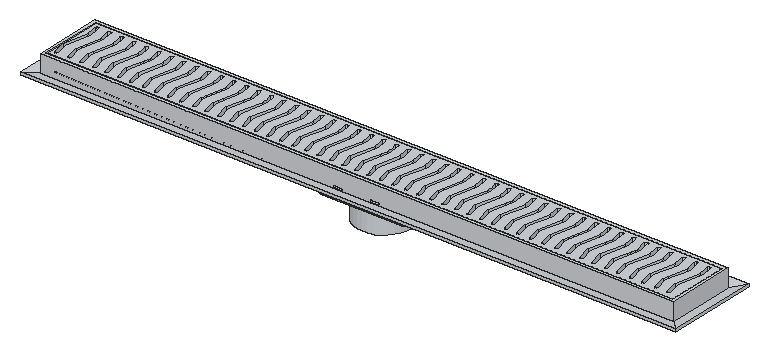
Revit family "Ralo_Linear_Grelha", category Plumbing Fixtures, host Face, Revit 2025 (continued)
Automatic sketch dimensions
  Extrusion 25 sketch curve to Extrusion 25 sketch curve = 2.699 mm
  Extrusion 25 sketch curve to Extrusion 25 sketch curve = 2.829 mm
  Extrusion 25 sketch curve to Extrusion 25 sketch curve = 8.683 mm
  Extrusion 25 sketch curve to Extrusion 25 sketch curve = 0.073 mm
  Extrusion 25 sketch curve to Extrusion 25 sketch curve = 1.772 mm
  Extrusion 25 sketch curve to Extrusion 25 sketch curve = 0.239 mm
  Extrusion 25 sketch curve to Extrusion 25 sketch curve = 19.441 mm
  Extrusion 25 sketch curve to Extrusion 25 sketch curve = 0.027 mm
  Extrusion 25 sketch curve to Extrusion 25 sketch curve = 10.736 mm
  Extrusion 25 sketch curve to Extrusion 25 sketch curve = 0.335 mm
  Extrusion 26 sketch curve to Extrusion 26 sketch curve = 1.628 mm
  Extrusion 26 sketch curve to Extrusion 26 sketch curve = 2.805 mm
  Extrusion 26 sketch curve to Extrusion 26 sketch curve = 1.354 mm  (x2)
  Extrusion 26 sketch curve to Extrusion 26 sketch curve = 1.334 mm  (x2)
  Extrusion 26 sketch curve to Extrusion 26 sketch curve = 2.699 mm
  Extrusion 26 sketch curve to Extrusion 26 sketch curve = 2.829 mm
  Extrusion 26 sketch curve to Extrusion 26 sketch curve = 8.683 mm
  Extrusion 26 sketch curve to Extrusion 26 sketch curve = 0.073 mm
  Extrusion 26 sketch curve to Extrusion 26 sketch curve = 1.772 mm
  Extrusion 26 sketch curve to Extrusion 26 sketch curve = 0.239 mm
  Extrusion 26 sketch curve to Extrusion 26 sketch curve = 19.441 mm
  Extrusion 26 sketch curve to Extrusion 26 sketch curve = 0.027 mm
  Extrusion 26 sketch curve to Extrusion 26 sketch curve = 10.736 mm
  Extrusion 26 sketch curve to Extrusion 26 sketch curve = 0.335 mm
  Extrusion 27 sketch curve to Extrusion 27 sketch curve = 1.628 mm
  Extrusion 27 sketch curve to Extrusion 27 sketch curve = 2.805 mm
  Extrusion 27 sketch curve to Extrusion 27 sketch curve = 1.354 mm  (x2)
  Extrusion 27 sketch curve to Extrusion 27 sketch curve = 1.334 mm  (x2)
  Extrusion 27 sketch curve to Extrusion 27 sketch curve = 2.699 mm
  Extrusion 27 sketch curve to Extrusion 27 sketch curve = 2.829 mm
  Extrusion 27 sketch curve to Extrusion 27 sketch curve = 8.683 mm
  Extrusion 27 sketch curve to Extrusion 27 sketch curve = 0.073 mm
  Extrusion 27 sketch curve to Extrusion 27 sketch curve = 1.772 mm
  Extrusion 27 sketch curve to Extrusion 27 sketch curve = 0.239 mm
  Extrusion 27 sketch curve to Extrusion 27 sketch curve = 19.441 mm
  Extrusion 27 sketch curve to Extrusion 27 sketch curve = 0.027 mm
  Extrusion 27 sketch curve to Extrusion 27 sketch curve = 10.736 mm
  Extrusion 27 sketch curve to Extrusion 27 sketch curve = 0.335 mm
  Extrusion 28 sketch curve to Extrusion 28 sketch curve = 1.628 mm
  Extrusion 28 sketch curve to Extrusion 28 sketch curve = 2.805 mm
  Extrusion 28 sketch curve to Extrusion 28 sketch curve = 1.354 mm  (x2)
  Extrusion 28 sketch curve to Extrusion 28 sketch curve = 1.334 mm  (x2)
  Extrusion 28 sketch curve to Extrusion 28 sketch curve = 2.699 mm
  Extrusion 28 sketch curve to Extrusion 28 sketch curve = 2.829 mm
  Extrusion 28 sketch curve to Extrusion 28 sketch curve = 8.683 mm
  Extrusion 28 sketch curve to Extrusion 28 sketch curve = 0.073 mm
  Extrusion 28 sketch curve to Extrusion 28 sketch curve = 1.772 mm
  Extrusion 28 sketch curve to Extrusion 28 sketch curve = 0.239 mm
  Extrusion 28 sketch curve to Extrusion 28 sketch curve = 19.441 mm
  Extrusion 28 sketch curve to Extrusion 28 sketch curve = 0.027 mm
  Extrusion 28 sketch curve to Extrusion 28 sketch curve = 10.736 mm
  Extrusion 28 sketch curve to Extrusion 28 sketch curve = 0.335 mm
  Extrusion 29 sketch curve to Extrusion 29 sketch curve = 1.628 mm
  Extrusion 29 sketch curve to Extrusion 29 sketch curve = 2.805 mm
  Extrusion 29 sketch curve to Extrusion 29 sketch curve = 1.354 mm  (x2)
  Extrusion 29 sketch curve to Extrusion 29 sketch curve = 1.334 mm  (x2)
  Extrusion 29 sketch curve to Extrusion 29 sketch curve = 2.699 mm
  Extrusion 29 sketch curve to Extrusion 29 sketch curve = 2.829 mm
  Extrusion 29 sketch curve to Extrusion 29 sketch curve = 8.683 mm
  Extrusion 29 sketch curve to Extrusion 29 sketch curve = 0.073 mm
  Extrusion 29 sketch curve to Extrusion 29 sketch curve = 1.772 mm
  Extrusion 29 sketch curve to Extrusion 29 sketch curve = 0.239 mm
  Extrusion 29 sketch curve to Extrusion 29 sketch curve = 19.441 mm
  Extrusion 29 sketch curve to Extrusion 29 sketch curve = 0.027 mm
  Extrusion 29 sketch curve to Extrusion 29 sketch curve = 10.736 mm
  Extrusion 29 sketch curve to Extrusion 29 sketch curve = 0.335 mm
  Extrusion 30 sketch curve to Extrusion 30 sketch curve = 1.628 mm
  Extrusion 30 sketch curve to Extrusion 30 sketch curve = 2.805 mm
  Extrusion 30 sketch curve to Extrusion 30 sketch curve = 1.354 mm  (x2)
  Extrusion 30 sketch curve to Extrusion 30 sketch curve = 1.334 mm  (x2)
  Extrusion 30 sketch curve to Extrusion 30 sketch curve = 2.699 mm
  Extrusion 30 sketch curve to Extrusion 30 sketch curve = 2.829 mm
  Extrusion 30 sketch curve to Extrusion 30 sketch curve = 8.683 mm
  Extrusion 30 sketch curve to Extrusion 30 sketch curve = 0.073 mm
  Extrusion 30 sketch curve to Extrusion 30 sketch curve = 1.772 mm
  Extrusion 30 sketch curve to Extrusion 30 sketch curve = 0.239 mm
  Extrusion 30 sketch curve to Extrusion 30 sketch curve = 19.441 mm
  Extrusion 30 sketch curve to Extrusion 30 sketch curve = 0.027 mm
  Extrusion 30 sketch curve to Extrusion 30 sketch curve = 10.736 mm
  Extrusion 30 sketch curve to Extrusion 30 sketch curve = 0.335 mm
  Extrusion 31 sketch curve to Extrusion 31 sketch curve = 1.628 mm
  Extrusion 31 sketch curve to Extrusion 31 sketch curve = 2.805 mm
  Extrusion 31 sketch curve to Extrusion 31 sketch curve = 1.354 mm  (x2)
  Extrusion 31 sketch curve to Extrusion 31 sketch curve = 1.334 mm  (x2)
  Extrusion 31 sketch curve to Extrusion 31 sketch curve = 2.699 mm
  Extrusion 31 sketch curve to Extrusion 31 sketch curve = 2.829 mm
  Extrusion 31 sketch curve to Extrusion 31 sketch curve = 8.683 mm
  Extrusion 31 sketch curve to Extrusion 31 sketch curve = 0.073 mm
  Extrusion 31 sketch curve to Extrusion 31 sketch curve = 1.772 mm
  Extrusion 31 sketch curve to Extrusion 31 sketch curve = 0.239 mm
  Extrusion 31 sketch curve to Extrusion 31 sketch curve = 19.441 mm
  Extrusion 31 sketch curve to Extrusion 31 sketch curve = 0.027 mm
  Extrusion 31 sketch curve to Extrusion 31 sketch curve = 10.736 mm
  Extrusion 31 sketch curve to Extrusion 31 sketch curve = 0.335 mm
  Extrusion 32 sketch curve to Extrusion 32 sketch curve = 1.628 mm
  Extrusion 32 sketch curve to Extrusion 32 sketch curve = 2.805 mm
  Extrusion 32 sketch curve to Extrusion 32 sketch curve = 1.354 mm  (x2)
  Extrusion 32 sketch curve to Extrusion 32 sketch curve = 1.334 mm  (x2)
  Extrusion 32 sketch curve to Extrusion 32 sketch curve = 2.699 mm
  Extrusion 32 sketch curve to Extrusion 32 sketch curve = 2.829 mm
  Extrusion 32 sketch curve to Extrusion 32 sketch curve = 8.683 mm
  Extrusion 32 sketch curve to Extrusion 32 sketch curve = 0.073 mm
  Extrusion 32 sketch curve to Extrusion 32 sketch curve = 1.772 mm
  Extrusion 32 sketch curve to Extrusion 32 sketch curve = 0.239 mm
  Extrusion 32 sketch curve to Extrusion 32 sketch curve = 19.441 mm
  Extrusion 32 sketch curve to Extrusion 32 sketch curve = 0.027 mm
  Extrusion 32 sketch curve to Extrusion 32 sketch curve = 10.736 mm
  Extrusion 32 sketch curve to Extrusion 32 sketch curve = 0.335 mm
  Extrusion 33 sketch curve to Extrusion 33 sketch curve = 1.628 mm
  Extrusion 33 sketch curve to Extrusion 33 sketch curve = 2.805 mm
  Extrusion 33 sketch curve to Extrusion 33 sketch curve = 1.354 mm  (x2)
  Extrusion 33 sketch curve to Extrusion 33 sketch curve = 1.334 mm  (x2)
  Extrusion 33 sketch curve to Extrusion 33 sketch curve = 2.699 mm
  Extrusion 33 sketch curve to Extrusion 33 sketch curve = 2.829 mm
  Extrusion 33 sketch curve to Extrusion 33 sketch curve = 8.683 mm
  Extrusion 33 sketch curve to Extrusion 33 sketch curve = 0.073 mm
  Extrusion 33 sketch curve to Extrusion 33 sketch curve = 1.772 mm
  Extrusion 33 sketch curve to Extrusion 33 sketch curve = 0.239 mm
  Extrusion 33 sketch curve to Extrusion 33 sketch curve = 19.441 mm
  Extrusion 33 sketch curve to Extrusion 33 sketch curve = 0.027 mm
  Extrusion 33 sketch curve to Extrusion 33 sketch curve = 10.736 mm
  Extrusion 33 sketch curve to Extrusion 33 sketch curve = 0.335 mm
  Extrusion 34 sketch curve to Extrusion 34 sketch curve = 1.628 mm
  Extrusion 34 sketch curve to Extrusion 34 sketch curve = 2.805 mm
  Extrusion 34 sketch curve to Extrusion 34 sketch curve = 1.354 mm  (x2)
  Extrusion 34 sketch curve to Extrusion 34 sketch curve = 1.334 mm  (x2)
  Extrusion 34 sketch curve to Extrusion 34 sketch curve = 2.699 mm
  Extrusion 34 sketch curve to Extrusion 34 sketch curve = 2.829 mm
  Extrusion 34 sketch curve to Extrusion 34 sketch curve = 8.683 mm
  Extrusion 34 sketch curve to Extrusion 34 sketch curve = 0.073 mm
  Extrusion 34 sketch curve to Extrusion 34 sketch curve = 1.772 mm
  Extrusion 34 sketch curve to Extrusion 34 sketch curve = 0.239 mm
  Extrusion 34 sketch curve to Extrusion 34 sketch curve = 19.441 mm
  Extrusion 34 sketch curve to Extrusion 34 sketch curve = 0.027 mm
  Extrusion 34 sketch curve to Extrusion 34 sketch curve = 10.736 mm
  Extrusion 34 sketch curve to Extrusion 34 sketch curve = 0.335 mm
  Extrusion 35 sketch curve to Extrusion 35 sketch curve = 1.628 mm
  Extrusion 35 sketch curve to Extrusion 35 sketch curve = 2.805 mm
  Extrusion 35 sketch curve to Extrusion 35 sketch curve = 1.354 mm  (x2)
  Extrusion 35 sketch curve to Extrusion 35 sketch curve = 1.334 mm  (x2)
  Extrusion 35 sketch curve to Extrusion 35 sketch curve = 2.699 mm
  Extrusion 35 sketch curve to Extrusion 35 sketch curve = 2.829 mm
  Extrusion 35 sketch curve to Extrusion 35 sketch curve = 8.683 mm
  Extrusion 35 sketch curve to Extrusion 35 sketch curve = 0.073 mm
  Extrusion 35 sketch curve to Extrusion 35 sketch curve = 1.772 mm
  Extrusion 35 sketch curve to Extrusion 35 sketch curve = 0.239 mm
  Extrusion 35 sketch curve to Extrusion 35 sketch curve = 19.441 mm
  Extrusion 35 sketch curve to Extrusion 35 sketch curve = 0.027 mm
  Extrusion 35 sketch curve to Extrusion 35 sketch curve = 10.736 mm
  Extrusion 35 sketch curve to Extrusion 35 sketch curve = 0.335 mm
  Extrusion 36 sketch curve to Extrusion 36 sketch curve = 1.628 mm
  Extrusion 36 sketch curve to Extrusion 36 sketch curve = 2.805 mm
  Extrusion 36 sketch curve to Extrusion 36 sketch curve = 1.354 mm  (x2)
  Extrusion 36 sketch curve to Extrusion 36 sketch curve = 1.334 mm  (x2)
  Extrusion 36 sketch curve to Extrusion 36 sketch curve = 2.699 mm
  Extrusion 36 sketch curve to Extrusion 36 sketch curve = 2.829 mm
  Extrusion 36 sketch curve to Extrusion 36 sketch curve = 8.683 mm
  Extrusion 36 sketch curve to Extrusion 36 sketch curve = 0.073 mm
  Extrusion 36 sketch curve to Extrusion 36 sketch curve = 1.772 mm
  Extrusion 36 sketch curve to Extrusion 36 sketch curve = 0.239 mm
  Extrusion 36 sketch curve to Extrusion 36 sketch curve = 19.441 mm
  Extrusion 36 sketch curve to Extrusion 36 sketch curve = 0.027 mm
  Extrusion 36 sketch curve to Extrusion 36 sketch curve = 10.736 mm
  Extrusion 36 sketch curve to Extrusion 36 sketch curve = 0.335 mm
  Extrusion 37 sketch curve to Extrusion 37 sketch curve = 2.805 mm
  Extrusion 37 sketch curve to Extrusion 37 sketch curve = 1.354 mm  (x2)
  Extrusion 37 sketch curve to Extrusion 37 sketch curve = 1.334 mm  (x2)
  Extrusion 37 sketch curve to Extrusion 37 sketch curve = 0.239 mm
  Extrusion 37 sketch curve to Extrusion 37 sketch curve = 8.683 mm
  Extrusion 37 sketch curve to Extrusion 37 sketch curve = 0.073 mm
  Extrusion 37 sketch curve to Extrusion 37 sketch curve = 0.027 mm
  Extrusion 37 sketch curve to Extrusion 37 sketch curve = 0.335 mm
  Extrusion 37 sketch curve to Extrusion 37 sketch curve = 1.177 mm
  Extrusion 37 sketch curve to Extrusion 37 sketch curve = 1.772 mm
  Extrusion 37 sketch curve to Extrusion 37 sketch curve = 2.699 mm
  Extrusion 37 sketch curve to Extrusion 37 sketch curve = 2.829 mm
  Extrusion 37 sketch curve to Extrusion 37 sketch curve = 19.441 mm
  Extrusion 37 sketch curve to Extrusion 37 sketch curve = 10.736 mm
  Extrusion 38 sketch curve to Extrusion 38 sketch curve = 2.805 mm
  Extrusion 38 sketch curve to Extrusion 38 sketch curve = 1.354 mm  (x2)
  Extrusion 38 sketch curve to Extrusion 38 sketch curve = 1.334 mm  (x2)
  Extrusion 38 sketch curve to Extrusion 38 sketch curve = 0.239 mm
  Extrusion 38 sketch curve to Extrusion 38 sketch curve = 8.683 mm
  Extrusion 38 sketch curve to Extrusion 38 sketch curve = 0.073 mm
  Extrusion 38 sketch curve to Extrusion 38 sketch curve = 0.027 mm
  Extrusion 38 sketch curve to Extrusion 38 sketch curve = 0.335 mm
  Extrusion 38 sketch curve to Extrusion 38 sketch curve = 1.177 mm
  Extrusion 38 sketch curve to Extrusion 38 sketch curve = 1.772 mm
  Extrusion 38 sketch curve to Extrusion 38 sketch curve = 2.699 mm
  Extrusion 38 sketch curve to Extrusion 38 sketch curve = 2.829 mm
  Extrusion 38 sketch curve to Extrusion 38 sketch curve = 19.441 mm
  Extrusion 38 sketch curve to Extrusion 38 sketch curve = 10.736 mm
  Extrusion 39 sketch curve to Extrusion 39 sketch curve = 2.805 mm
  Extrusion 39 sketch curve to Extrusion 39 sketch curve = 1.354 mm  (x2)
  Extrusion 39 sketch curve to Extrusion 39 sketch curve = 1.334 mm  (x2)
  Extrusion 39 sketch curve to Extrusion 39 sketch curve = 0.239 mm
  Extrusion 39 sketch curve to Extrusion 39 sketch curve = 8.683 mm
  Extrusion 39 sketch curve to Extrusion 39 sketch curve = 0.073 mm
  Extrusion 39 sketch curve to Extrusion 39 sketch curve = 0.027 mm
  Extrusion 39 sketch curve to Extrusion 39 sketch curve = 0.335 mm
  Extrusion 39 sketch curve to Extrusion 39 sketch curve = 1.177 mm
  Extrusion 39 sketch curve to Extrusion 39 sketch curve = 1.772 mm
  Extrusion 39 sketch curve to Extrusion 39 sketch curve = 2.699 mm
  Extrusion 39 sketch curve to Extrusion 39 sketch curve = 2.829 mm
  Extrusion 39 sketch curve to Extrusion 39 sketch curve = 19.441 mm
  Extrusion 39 sketch curve to Extrusion 39 sketch curve = 10.736 mm
  Extrusion 40 sketch curve to Extrusion 40 sketch curve = 2.805 mm
  Extrusion 40 sketch curve to Extrusion 40 sketch curve = 1.354 mm  (x2)
  Extrusion 40 sketch curve to Extrusion 40 sketch curve = 1.334 mm  (x2)
  Extrusion 40 sketch curve to Extrusion 40 sketch curve = 0.239 mm
  Extrusion 40 sketch curve to Extrusion 40 sketch curve = 8.683 mm
  Extrusion 40 sketch curve to Extrusion 40 sketch curve = 0.073 mm
  Extrusion 40 sketch curve to Extrusion 40 sketch curve = 0.027 mm
  Extrusion 40 sketch curve to Extrusion 40 sketch curve = 0.335 mm
  Extrusion 40 sketch curve to Extrusion 40 sketch curve = 1.177 mm
  Extrusion 40 sketch curve to Extrusion 40 sketch curve = 1.772 mm
  Extrusion 40 sketch curve to Extrusion 40 sketch curve = 2.699 mm
  Extrusion 40 sketch curve to Extrusion 40 sketch curve = 2.829 mm
  Extrusion 40 sketch curve to Extrusion 40 sketch curve = 19.441 mm
  Extrusion 40 sketch curve to Extrusion 40 sketch curve = 10.736 mm
  Extrusion 41 sketch curve to Extrusion 41 sketch curve = 2.805 mm
  Extrusion 41 sketch curve to Extrusion 41 sketch curve = 1.354 mm  (x2)
  Extrusion 41 sketch curve to Extrusion 41 sketch curve = 1.334 mm  (x2)
  Extrusion 41 sketch curve to Extrusion 41 sketch curve = 0.239 mm
  Extrusion 41 sketch curve to Extrusion 41 sketch curve = 8.683 mm
  Extrusion 41 sketch curve to Extrusion 41 sketch curve = 0.073 mm
  Extrusion 41 sketch curve to Extrusion 41 sketch curve = 0.027 mm
  Extrusion 41 sketch curve to Extrusion 41 sketch curve = 0.335 mm
  Extrusion 41 sketch curve to Extrusion 41 sketch curve = 1.177 mm
  Extrusion 41 sketch curve to Extrusion 41 sketch curve = 1.772 mm
  Extrusion 41 sketch curve to Extrusion 41 sketch curve = 2.699 mm
  Extrusion 41 sketch curve to Extrusion 41 sketch curve = 2.829 mm
  Extrusion 41 sketch curve to Extrusion 41 sketch curve = 19.441 mm
  Extrusion 41 sketch curve to Extrusion 41 sketch curve = 10.736 mm
  Extrusion 42 sketch curve to Extrusion 42 sketch curve = 2.805 mm
  Extrusion 42 sketch curve to Extrusion 42 sketch curve = 1.354 mm  (x2)
  Extrusion 42 sketch curve to Extrusion 42 sketch curve = 1.334 mm  (x2)
  Extrusion 42 sketch curve to Extrusion 42 sketch curve = 0.239 mm
  Extrusion 42 sketch curve to Extrusion 42 sketch curve = 8.683 mm
  Extrusion 42 sketch curve to Extrusion 42 sketch curve = 0.073 mm
  Extrusion 42 sketch curve to Extrusion 42 sketch curve = 0.027 mm
  Extrusion 42 sketch curve to Extrusion 42 sketch curve = 0.335 mm
  Extrusion 42 sketch curve to Extrusion 42 sketch curve = 1.177 mm
  Extrusion 42 sketch curve to Extrusion 42 sketch curve = 1.772 mm
  Extrusion 42 sketch curve to Extrusion 42 sketch curve = 2.699 mm
  Extrusion 42 sketch curve to Extrusion 42 sketch curve = 2.829 mm
  Extrusion 42 sketch curve to Extrusion 42 sketch curve = 19.441 mm
  Extrusion 42 sketch curve to Extrusion 42 sketch curve = 10.736 mm
  Extrusion 43 sketch curve to Extrusion 43 sketch curve = 2.805 mm
  Extrusion 43 sketch curve to Extrusion 43 sketch curve = 1.354 mm  (x2)
  Extrusion 43 sketch curve to Extrusion 43 sketch curve = 1.334 mm  (x2)
  Extrusion 43 sketch curve to Extrusion 43 sketch curve = 0.239 mm
  Extrusion 43 sketch curve to Extrusion 43 sketch curve = 8.683 mm
  Extrusion 43 sketch curve to Extrusion 43 sketch curve = 0.073 mm
  Extrusion 43 sketch curve to Extrusion 43 sketch curve = 0.027 mm
  Extrusion 43 sketch curve to Extrusion 43 sketch curve = 0.335 mm
  Extrusion 43 sketch curve to Extrusion 43 sketch curve = 1.177 mm
  Extrusion 43 sketch curve to Extrusion 43 sketch curve = 1.772 mm
  Extrusion 43 sketch curve to Extrusion 43 sketch curve = 2.699 mm
  Extrusion 43 sketch curve to Extrusion 43 sketch curve = 2.829 mm
  Extrusion 43 sketch curve to Extrusion 43 sketch curve = 19.441 mm
  Extrusion 43 sketch curve to Extrusion 43 sketch curve = 10.736 mm
  Extrusion 44 sketch curve to Extrusion 44 sketch curve = 2.805 mm
  Extrusion 44 sketch curve to Extrusion 44 sketch curve = 1.354 mm  (x2)
  Extrusion 44 sketch curve to Extrusion 44 sketch curve = 1.334 mm  (x2)
  Extrusion 44 sketch curve to Extrusion 44 sketch curve = 0.239 mm
  Extrusion 44 sketch curve to Extrusion 44 sketch curve = 8.683 mm
  Extrusion 44 sketch curve to Extrusion 44 sketch curve = 0.073 mm
  Extrusion 44 sketch curve to Extrusion 44 sketch curve = 0.027 mm
  Extrusion 44 sketch curve to Extrusion 44 sketch curve = 0.335 mm
  Extrusion 44 sketch curve to Extrusion 44 sketch curve = 1.177 mm
  Extrusion 44 sketch curve to Extrusion 44 sketch curve = 1.772 mm
  Extrusion 44 sketch curve to Extrusion 44 sketch curve = 2.699 mm
  Extrusion 44 sketch curve to Extrusion 44 sketch curve = 2.829 mm
  Extrusion 44 sketch curve to Extrusion 44 sketch curve = 19.441 mm
  Extrusion 44 sketch curve to Extrusion 44 sketch curve = 10.736 mm
  Extrusion 45 sketch curve to Extrusion 45 sketch curve = 2.805 mm
  Extrusion 45 sketch curve to Extrusion 45 sketch curve = 1.354 mm  (x2)
  Extrusion 45 sketch curve to Extrusion 45 sketch curve = 1.334 mm  (x2)
  Extrusion 45 sketch curve to Extrusion 45 sketch curve = 0.239 mm
  Extrusion 45 sketch curve to Extrusion 45 sketch curve = 8.683 mm
  Extrusion 45 sketch curve to Extrusion 45 sketch curve = 0.073 mm
  Extrusion 45 sketch curve to Extrusion 45 sketch curve = 0.027 mm
  Extrusion 45 sketch curve to Extrusion 45 sketch curve = 0.335 mm
  Extrusion 45 sketch curve to Extrusion 45 sketch curve = 1.177 mm
  Extrusion 45 sketch curve to Extrusion 45 sketch curve = 1.772 mm
  Extrusion 45 sketch curve to Extrusion 45 sketch curve = 2.699 mm
  Extrusion 45 sketch curve to Extrusion 45 sketch curve = 2.829 mm
  Extrusion 45 sketch curve to Extrusion 45 sketch curve = 19.441 mm
  Extrusion 45 sketch curve to Extrusion 45 sketch curve = 10.736 mm
  Extrusion 46 sketch curve to Extrusion 46 sketch curve = 2.805 mm
  Extrusion 46 sketch curve to Extrusion 46 sketch curve = 1.354 mm  (x2)
  Extrusion 46 sketch curve to Extrusion 46 sketch curve = 1.334 mm  (x2)
  Extrusion 46 sketch curve to Extrusion 46 sketch curve = 0.239 mm
  Extrusion 46 sketch curve to Extrusion 46 sketch curve = 8.683 mm
  Extrusion 46 sketch curve to Extrusion 46 sketch curve = 0.073 mm
  Extrusion 46 sketch curve to Extrusion 46 sketch curve = 0.027 mm
  Extrusion 46 sketch curve to Extrusion 46 sketch curve = 0.335 mm
  Extrusion 46 sketch curve to Extrusion 46 sketch curve = 1.177 mm
  Extrusion 46 sketch curve to Extrusion 46 sketch curve = 1.772 mm
  Extrusion 46 sketch curve to Extrusion 46 sketch curve = 2.699 mm
  Extrusion 46 sketch curve to Extrusion 46 sketch curve = 2.829 mm
  Extrusion 46 sketch curve to Extrusion 46 sketch curve = 19.441 mm
  Extrusion 46 sketch curve to Extrusion 46 sketch curve = 10.736 mm
  Extrusion 47 sketch curve to Extrusion 47 sketch curve = 2.805 mm
  Extrusion 47 sketch curve to Extrusion 47 sketch curve = 1.354 mm  (x2)
  Extrusion 47 sketch curve to Extrusion 47 sketch curve = 1.334 mm  (x2)
  Extrusion 47 sketch curve to Extrusion 47 sketch curve = 0.239 mm
  Extrusion 47 sketch curve to Extrusion 47 sketch curve = 8.683 mm
  Extrusion 47 sketch curve to Extrusion 47 sketch curve = 0.073 mm
  Extrusion 47 sketch curve to Extrusion 47 sketch curve = 0.027 mm
  Extrusion 47 sketch curve to Extrusion 47 sketch curve = 0.335 mm
  Extrusion 47 sketch curve to Extrusion 47 sketch curve = 1.177 mm
  Extrusion 47 sketch curve to Extrusion 47 sketch curve = 1.772 mm
  Extrusion 47 sketch curve to Extrusion 47 sketch curve = 2.699 mm
  Extrusion 47 sketch curve to Extrusion 47 sketch curve = 2.829 mm
  Extrusion 47 sketch curve to Extrusion 47 sketch curve = 19.441 mm
  Extrusion 47 sketch curve to Extrusion 47 sketch curve = 10.736 mm
  Extrusion 48 sketch curve to Extrusion 48 sketch curve = 2.805 mm
  Extrusion 48 sketch curve to Extrusion 48 sketch curve = 1.354 mm  (x2)
  Extrusion 48 sketch curve to Extrusion 48 sketch curve = 1.334 mm  (x2)
  Extrusion 48 sketch curve to Extrusion 48 sketch curve = 0.239 mm
  Extrusion 48 sketch curve to Extrusion 48 sketch curve = 8.683 mm
  Extrusion 48 sketch curve to Extrusion 48 sketch curve = 0.073 mm
  Extrusion 48 sketch curve to Extrusion 48 sketch curve = 0.027 mm
  Extrusion 48 sketch curve to Extrusion 48 sketch curve = 0.335 mm
  Extrusion 48 sketch curve to Extrusion 48 sketch curve = 1.177 mm
  Extrusion 48 sketch curve to Extrusion 48 sketch curve = 1.772 mm
  Extrusion 48 sketch curve to Extrusion 48 sketch curve = 2.699 mm
  Extrusion 48 sketch curve to Extrusion 48 sketch curve = 2.829 mm
  Extrusion 48 sketch curve to Extrusion 48 sketch curve = 19.441 mm
  Extrusion 48 sketch curve to Extrusion 48 sketch curve = 10.736 mm
  Extrusion 49 sketch curve to Extrusion 49 sketch curve = 2.805 mm
  Extrusion 49 sketch curve to Extrusion 49 sketch curve = 1.354 mm  (x2)
  Extrusion 49 sketch curve to Extrusion 49 sketch curve = 1.334 mm  (x2)
  Extrusion 49 sketch curve to Extrusion 49 sketch curve = 0.239 mm
  Extrusion 49 sketch curve to Extrusion 49 sketch curve = 8.683 mm
  Extrusion 49 sketch curve to Extrusion 49 sketch curve = 0.073 mm
  Extrusion 49 sketch curve to Extrusion 49 sketch curve = 0.027 mm
  Extrusion 49 sketch curve to Extrusion 49 sketch curve = 0.335 mm
  Extrusion 49 sketch curve to Extrusion 49 sketch curve = 1.177 mm
  Extrusion 49 sketch curve to Extrusion 49 sketch curve = 1.772 mm
  Extrusion 49 sketch curve to Extrusion 49 sketch curve = 2.699 mm
  Extrusion 49 sketch curve to Extrusion 49 sketch curve = 2.829 mm
  Extrusion 49 sketch curve to Extrusion 49 sketch curve = 19.441 mm
  Extrusion 49 sketch curve to Extrusion 49 sketch curve = 10.736 mm
  Extrusion 50 sketch curve to Extrusion 50 sketch curve = 2.805 mm
  Extrusion 50 sketch curve to Extrusion 50 sketch curve = 1.354 mm  (x2)
  Extrusion 50 sketch curve to Extrusion 50 sketch curve = 1.334 mm  (x2)
  Extrusion 50 sketch curve to Extrusion 50 sketch curve = 0.239 mm
  Extrusion 50 sketch curve to Extrusion 50 sketch curve = 8.683 mm
  Extrusion 50 sketch curve to Extrusion 50 sketch curve = 0.073 mm
  Extrusion 50 sketch curve to Extrusion 50 sketch curve = 0.027 mm
  Extrusion 50 sketch curve to Extrusion 50 sketch curve = 0.335 mm
  Extrusion 50 sketch curve to Extrusion 50 sketch curve = 1.177 mm
  Extrusion 50 sketch curve to Extrusion 50 sketch curve = 1.772 mm
  Extrusion 50 sketch curve to Extrusion 50 sketch curve = 2.699 mm
  Extrusion 50 sketch curve to Extrusion 50 sketch curve = 2.829 mm
  Extrusion 50 sketch curve to Extrusion 50 sketch curve = 19.441 mm
  Extrusion 50 sketch curve to Extrusion 50 sketch curve = 10.736 mm
  Extrusion 51 sketch curve to Extrusion 51 sketch curve = 2.805 mm
  Extrusion 51 sketch curve to Extrusion 51 sketch curve = 1.354 mm  (x2)
  Extrusion 51 sketch curve to Extrusion 51 sketch curve = 1.334 mm  (x2)
  Extrusion 51 sketch curve to Extrusion 51 sketch curve = 0.239 mm
  Extrusion 51 sketch curve to Extrusion 51 sketch curve = 8.683 mm
  Extrusion 51 sketch curve to Extrusion 51 sketch curve = 0.073 mm
  Extrusion 51 sketch curve to Extrusion 51 sketch curve = 0.027 mm
  Extrusion 51 sketch curve to Extrusion 51 sketch curve = 0.335 mm
  Extrusion 51 sketch curve to Extrusion 51 sketch curve = 1.177 mm
  Extrusion 51 sketch curve to Extrusion 51 sketch curve = 1.772 mm
  Extrusion 51 sketch curve to Extrusion 51 sketch curve = 2.699 mm
  Extrusion 51 sketch curve to Extrusion 51 sketch curve = 2.829 mm
  Extrusion 51 sketch curve to Extrusion 51 sketch curve = 19.441 mm
  Extrusion 51 sketch curve to Extrusion 51 sketch curve = 10.736 mm
  Extrusion 52 sketch curve to Extrusion 52 sketch curve = 2.805 mm
  Extrusion 52 sketch curve to Extrusion 52 sketch curve = 1.354 mm  (x2)
  Extrusion 52 sketch curve to Extrusion 52 sketch curve = 1.334 mm  (x2)
  Extrusion 52 sketch curve to Extrusion 52 sketch curve = 0.239 mm
  Extrusion 52 sketch curve to Extrusion 52 sketch curve = 8.683 mm
  Extrusion 52 sketch curve to Extrusion 52 sketch curve = 0.073 mm
  Extrusion 52 sketch curve to Extrusion 52 sketch curve = 0.027 mm
  Extrusion 52 sketch curve to Extrusion 52 sketch curve = 0.335 mm
  Extrusion 52 sketch curve to Extrusion 52 sketch curve = 1.177 mm
  Extrusion 52 sketch curve to Extrusion 52 sketch curve = 1.772 mm
  Extrusion 52 sketch curve to Extrusion 52 sketch curve = 2.699 mm
  Extrusion 52 sketch curve to Extrusion 52 sketch curve = 2.829 mm
  Extrusion 52 sketch curve to Extrusion 52 sketch curve = 19.441 mm
  Extrusion 52 sketch curve to Extrusion 52 sketch curve = 10.736 mm
  Extrusion 53 sketch curve to Extrusion 53 sketch curve = 2.805 mm
  Extrusion 53 sketch curve to Extrusion 53 sketch curve = 1.354 mm  (x2)
  Extrusion 53 sketch curve to Extrusion 53 sketch curve = 1.334 mm  (x2)
  Extrusion 53 sketch curve to Extrusion 53 sketch curve = 0.239 mm
  Extrusion 53 sketch curve to Extrusion 53 sketch curve = 8.683 mm
  Extrusion 53 sketch curve to Extrusion 53 sketch curve = 0.073 mm
  Extrusion 53 sketch curve to Extrusion 53 sketch curve = 0.027 mm
  Extrusion 53 sketch curve to Extrusion 53 sketch curve = 0.335 mm
  Extrusion 53 sketch curve to Extrusion 53 sketch curve = 1.177 mm
  Extrusion 53 sketch curve to Extrusion 53 sketch curve = 1.772 mm
  Extrusion 53 sketch curve to Extrusion 53 sketch curve = 2.699 mm
  Extrusion 53 sketch curve to Extrusion 53 sketch curve = 2.829 mm
  Extrusion 53 sketch curve to Extrusion 53 sketch curve = 19.441 mm
  Extrusion 53 sketch curve to Extrusion 53 sketch curve = 10.736 mm
  Extrusion 54 sketch curve to Extrusion 54 sketch curve = 2.805 mm
  Extrusion 54 sketch curve to Extrusion 54 sketch curve = 1.354 mm  (x2)
  Extrusion 54 sketch curve to Extrusion 54 sketch curve = 1.334 mm  (x2)
  Extrusion 54 sketch curve to Extrusion 54 sketch curve = 0.239 mm
  Extrusion 54 sketch curve to Extrusion 54 sketch curve = 8.683 mm
  Extrusion 54 sketch curve to Extrusion 54 sketch curve = 0.073 mm
  Extrusion 54 sketch curve to Extrusion 54 sketch curve = 0.027 mm
  Extrusion 54 sketch curve to Extrusion 54 sketch curve = 0.335 mm
  Extrusion 54 sketch curve to Extrusion 54 sketch curve = 1.177 mm
  Extrusion 54 sketch curve to Extrusion 54 sketch curve = 1.772 mm
  Extrusion 54 sketch curve to Extrusion 54 sketch curve = 2.699 mm
  Extrusion 54 sketch curve to Extrusion 54 sketch curve = 2.829 mm
  Extrusion 54 sketch curve to Extrusion 54 sketch curve = 19.441 mm
  Extrusion 54 sketch curve to Extrusion 54 sketch curve = 10.736 mm
  Extrusion 55 sketch curve to Extrusion 55 sketch curve = 2.805 mm
  Extrusion 55 sketch curve to Extrusion 55 sketch curve = 1.354 mm  (x2)
  Extrusion 55 sketch curve to Extrusion 55 sketch curve = 1.334 mm  (x2)
  Extrusion 55 sketch curve to Extrusion 55 sketch curve = 0.239 mm
  Extrusion 55 sketch curve to Extrusion 55 sketch curve = 8.683 mm
  Extrusion 55 sketch curve to Extrusion 55 sketch curve = 0.073 mm
  Extrusion 55 sketch curve to Extrusion 55 sketch curve = 0.027 mm
  Extrusion 55 sketch curve to Extrusion 55 sketch curve = 0.335 mm
  Extrusion 55 sketch curve to Extrusion 55 sketch curve = 1.177 mm
  Extrusion 55 sketch curve to Extrusion 55 sketch curve = 1.772 mm
  Extrusion 55 sketch curve to Extrusion 55 sketch curve = 2.699 mm
  Extrusion 55 sketch curve to Extrusion 55 sketch curve = 2.829 mm
  Extrusion 55 sketch curve to Extrusion 55 sketch curve = 19.441 mm
  Extrusion 55 sketch curve to Extrusion 55 sketch curve = 10.736 mm
  Extrusion 56 sketch curve to Extrusion 56 sketch curve = 2.805 mm
  Extrusion 56 sketch curve to Extrusion 56 sketch curve = 1.354 mm  (x2)
  Extrusion 56 sketch curve to Extrusion 56 sketch curve = 1.334 mm  (x2)
  Extrusion 56 sketch curve to Extrusion 56 sketch curve = 0.239 mm
  Extrusion 56 sketch curve to Extrusion 56 sketch curve = 8.683 mm
  Extrusion 56 sketch curve to Extrusion 56 sketch curve = 0.073 mm
  Extrusion 56 sketch curve to Extrusion 56 sketch curve = 0.027 mm
  Extrusion 56 sketch curve to Extrusion 56 sketch curve = 0.335 mm
  Extrusion 56 sketch curve to Extrusion 56 sketch curve = 1.177 mm
  Extrusion 56 sketch curve to Extrusion 56 sketch curve = 1.772 mm
  Extrusion 56 sketch curve to Extrusion 56 sketch curve = 2.699 mm
  Extrusion 56 sketch curve to Extrusion 56 sketch curve = 2.829 mm
  Extrusion 56 sketch curve to Extrusion 56 sketch curve = 19.441 mm
  Extrusion 56 sketch curve to Extrusion 56 sketch curve = 10.736 mm
  Extrusion 57 sketch curve to Extrusion 57 sketch curve = 2.805 mm
  Extrusion 57 sketch curve to Extrusion 57 sketch curve = 1.354 mm  (x2)
  Extrusion 57 sketch curve to Extrusion 57 sketch curve = 1.334 mm  (x2)
  Extrusion 57 sketch curve to Extrusion 57 sketch curve = 0.239 mm
  Extrusion 57 sketch curve to Extrusion 57 sketch curve = 8.683 mm
  Extrusion 57 sketch curve to Extrusion 57 sketch curve = 0.073 mm
  Extrusion 57 sketch curve to Extrusion 57 sketch curve = 0.027 mm
  Extrusion 57 sketch curve to Extrusion 57 sketch curve = 0.335 mm
  Extrusion 57 sketch curve to Extrusion 57 sketch curve = 1.177 mm
  Extrusion 57 sketch curve to Extrusion 57 sketch curve = 1.772 mm
  Extrusion 57 sketch curve to Extrusion 57 sketch curve = 2.699 mm
  Extrusion 57 sketch curve to Extrusion 57 sketch curve = 2.829 mm
  Extrusion 57 sketch curve to Extrusion 57 sketch curve = 19.441 mm
  Extrusion 57 sketch curve to Extrusion 57 sketch curve = 10.736 mm
  Extrusion 58 sketch curve to Extrusion 58 sketch curve = 2.805 mm
  Extrusion 58 sketch curve to Extrusion 58 sketch curve = 1.354 mm  (x2)
  Extrusion 58 sketch curve to Extrusion 58 sketch curve = 1.334 mm  (x2)
  Extrusion 58 sketch curve to Extrusion 58 sketch curve = 0.239 mm
  Extrusion 58 sketch curve to Extrusion 58 sketch curve = 8.683 mm
  Extrusion 58 sketch curve to Extrusion 58 sketch curve = 0.073 mm
  Extrusion 58 sketch curve to Extrusion 58 sketch curve = 0.027 mm
  Extrusion 58 sketch curve to Extrusion 58 sketch curve = 0.335 mm
  Extrusion 58 sketch curve to Extrusion 58 sketch curve = 1.177 mm
  Extrusion 58 sketch curve to Extrusion 58 sketch curve = 1.772 mm
  Extrusion 58 sketch curve to Extrusion 58 sketch curve = 2.699 mm
  Extrusion 58 sketch curve to Extrusion 58 sketch curve = 2.829 mm
  Extrusion 58 sketch curve to Extrusion 58 sketch curve = 19.441 mm
  Extrusion 58 sketch curve to Extrusion 58 sketch curve = 10.736 mm
  Extrusion 59 sketch curve to Extrusion 59 sketch curve = 2.805 mm
  Extrusion 59 sketch curve to Extrusion 59 sketch curve = 1.354 mm  (x2)
  Extrusion 59 sketch curve to Extrusion 59 sketch curve = 1.334 mm  (x2)
  Extrusion 59 sketch curve to Extrusion 59 sketch curve = 0.239 mm
  Extrusion 59 sketch curve to Extrusion 59 sketch curve = 8.683 mm
  Extrusion 59 sketch curve to Extrusion 59 sketch curve = 0.073 mm
  Extrusion 59 sketch curve to Extrusion 59 sketch curve = 0.027 mm
  Extrusion 59 sketch curve to Extrusion 59 sketch curve = 0.335 mm
  Extrusion 59 sketch curve to Extrusion 59 sketch curve = 1.177 mm
  Extrusion 59 sketch curve to Extrusion 59 sketch curve = 1.772 mm
  Extrusion 59 sketch curve to Extrusion 59 sketch curve = 2.699 mm
  Extrusion 59 sketch curve to Extrusion 59 sketch curve = 2.829 mm
  Extrusion 59 sketch curve to Extrusion 59 sketch curve = 19.441 mm
  Extrusion 59 sketch curve to Extrusion 59 sketch curve = 10.736 mm
  Extrusion 60 sketch curve to Extrusion 60 sketch curve = 2.805 mm
  Extrusion 60 sketch curve to Extrusion 60 sketch curve = 1.354 mm  (x2)
  Extrusion 60 sketch curve to Extrusion 60 sketch curve = 1.334 mm  (x2)
  Extrusion 60 sketch curve to Extrusion 60 sketch curve = 0.239 mm
  Extrusion 60 sketch curve to Extrusion 60 sketch curve = 8.683 mm
  Extrusion 60 sketch curve to Extrusion 60 sketch curve = 0.073 mm
  Extrusion 60 sketch curve to Extrusion 60 sketch curve = 0.027 mm
  Extrusion 60 sketch curve to Extrusion 60 sketch curve = 0.335 mm
  Extrusion 60 sketch curve to Extrusion 60 sketch curve = 1.177 mm
  Extrusion 60 sketch curve to Extrusion 60 sketch curve = 1.772 mm
  Extrusion 60 sketch curve to Extrusion 60 sketch curve = 2.699 mm
  Extrusion 60 sketch curve to Extrusion 60 sketch curve = 2.829 mm
  Extrusion 60 sketch curve to Extrusion 60 sketch curve = 19.441 mm
  Extrusion 60 sketch curve to Extrusion 60 sketch curve = 10.736 mm
  Extrusion 61 sketch curve to Extrusion 61 sketch curve = 2.805 mm
  Extrusion 61 sketch curve to Extrusion 61 sketch curve = 1.354 mm  (x2)
  Extrusion 61 sketch curve to Extrusion 61 sketch curve = 1.334 mm  (x2)
  Extrusion 61 sketch curve to Extrusion 61 sketch curve = 0.239 mm
  Extrusion 61 sketch curve to Extrusion 61 sketch curve = 8.683 mm
  Extrusion 61 sketch curve to Extrusion 61 sketch curve = 0.073 mm
  Extrusion 61 sketch curve to Extrusion 61 sketch curve = 0.027 mm
  Extrusion 61 sketch curve to Extrusion 61 sketch curve = 0.335 mm
  Extrusion 61 sketch curve to Extrusion 61 sketch curve = 1.177 mm
  Extrusion 61 sketch curve to Extrusion 61 sketch curve = 1.772 mm
  Extrusion 61 sketch curve to Extrusion 61 sketch curve = 2.699 mm
  Extrusion 61 sketch curve to Extrusion 61 sketch curve = 2.829 mm
  Extrusion 61 sketch curve to Extrusion 61 sketch curve = 19.441 mm
  Extrusion 61 sketch curve to Extrusion 61 sketch curve = 10.736 mm
  host sketch curve to host sketch curve = 961.189 mm
  host sketch curve to host sketch curve = 289.078 mm
  Blend 1 sketch curve to level = 0.00 mm  (x2)
  Blend 1 sketch curve to plane 17 = 0.00 mm  (x2)
  Blend 1 sketch curve to plane 15 = 0.00 mm  (x2)
  plane 8 to Blend 1 sketch curve = 2.042 mm  (x2)
  plane 22 to Blend 1 sketch curve = 7.076 mm
  plane 8 to Blend 1 sketch curve = 3.951 mm  (x2)
  Blend 1 sketch curve to Blend 1 sketch curve = 0.547 mm  (x2)
  Blend 1 sketch curve to Blend 1 sketch curve = 1.923 mm  (x2)
  plane 8 to Blend 1 sketch curve = 3.40 mm
  plane 21 to Blend 1 sketch curve = 9.546 mm
  plane 22 to Blend 1 sketch curve = 3.856 mm
  plane 22 to Blend 1 sketch curve = 5.598 mm
  Blend 1 sketch curve to Blend 1 sketch curve = 1.936 mm
  plane 21 to Blend 1 sketch curve = 7.516 mm
  Blend 1 sketch curve to Blend 1 sketch curve = 1.933 mm
  plane 21 to Blend 1 sketch curve = 3.856 mm
  plane 8 to Blend 1 sketch curve = 2.341 mm  (x2)
  Blend 1 sketch curve to plane 6 = 4.575 mm
  Blend 1 sketch curve to Blend 1 sketch curve = 5.626 mm
  Blend 1 sketch curve to Blend 1 sketch curve = 0.376 mm
  Extrusion 2 sketch curve to plane 17 = 0.00 mm
  Extrusion 2 sketch curve to plane 15 = 0.00 mm
  plane 8 to Extrusion 2 sketch curve = 2.042 mm  (x2)
  plane 22 to Extrusion 2 sketch curve = 7.076 mm
  plane 8 to Extrusion 2 sketch curve = 3.951 mm  (x2)
  Extrusion 2 sketch curve to Extrusion 2 sketch curve = 0.547 mm  (x2)
  Extrusion 2 sketch curve to Extrusion 2 sketch curve = 1.923 mm  (x2)
  plane 8 to Extrusion 2 sketch curve = 3.40 mm
  plane 21 to Extrusion 2 sketch curve = 9.546 mm
  Blend 3 sketch curve to level = 0.00 mm  (x2)
  Blend 3 sketch curve to plane 17 = 0.00 mm  (x2)
  Blend 3 sketch curve to plane 15 = 0.00 mm  (x2)
  plane 8 to Blend 3 sketch curve = 2.042 mm  (x2)
  plane 22 to Blend 3 sketch curve = 7.076 mm
  plane 8 to Blend 3 sketch curve = 3.951 mm  (x2)
  Blend 3 sketch curve to Blend 3 sketch curve = 0.547 mm  (x2)
  Blend 3 sketch curve to Blend 3 sketch curve = 1.923 mm  (x2)
  plane 21 to Blend 3 sketch curve = 9.546 mm
  Blend 3 sketch curve to Blend 3 sketch curve = 0.551 mm
  plane 22 to Blend 3 sketch curve = 3.856 mm
  plane 22 to Blend 3 sketch curve = 5.598 mm
  Blend 3 sketch curve to Blend 3 sketch curve = 1.936 mm
  plane 21 to Blend 3 sketch curve = 7.516 mm
  Blend 3 sketch curve to Blend 3 sketch curve = 1.933 mm
  plane 21 to Blend 3 sketch curve = 3.856 mm
  plane 8 to Blend 3 sketch curve = 2.341 mm  (x2)
  Blend 3 sketch curve to plane 6 = 4.575 mm
  Blend 3 sketch curve to Blend 3 sketch curve = 5.626 mm
  Blend 3 sketch curve to Blend 3 sketch curve = 0.376 mm
  Blend 4 sketch curve to level = 0.00 mm  (x2)
  Blend 4 sketch curve to plane 18 = 0.00 mm  (x2)
  Blend 4 sketch curve to plane 16 = 0.00 mm  (x2)
  Blend 4 sketch curve to plane 8 = 0.458 mm  (x2)
  plane 22 to Blend 4 sketch curve = 8.96 mm
  Blend 4 sketch curve to Blend 4 sketch curve = 0.963 mm  (x2)
  plane 8 to Blend 4 sketch curve = 2.90 mm
  plane 21 to Blend 4 sketch curve = 9.923 mm
  Blend 4 sketch curve to plane 8 = 0.159 mm  (x2)
  plane 22 to Blend 4 sketch curve = 5.733 mm
  Blend 4 sketch curve to Blend 4 sketch curve = 2.206 mm
  plane 21 to Blend 4 sketch curve = 7.923 mm
  plane 21 to Blend 4 sketch curve = 5.738 mm
  Blend 4 sketch curve to plane 6 = 5.103 mm
  Extrusion 5 sketch curve to plane 17 = 0.00 mm
  Extrusion 5 sketch curve to plane 15 = 0.00 mm
  Extrusion 5 sketch curve to level = 0.00 mm
  plane 8 to Extrusion 5 sketch curve = 2.042 mm
  plane 22 to Extrusion 5 sketch curve = 7.076 mm
  plane 8 to Extrusion 5 sketch curve = 3.951 mm  (x2)
  Extrusion 5 sketch curve to Extrusion 5 sketch curve = 0.547 mm  (x2)
  Extrusion 5 sketch curve to Extrusion 5 sketch curve = 1.923 mm  (x2)
  plane 8 to Extrusion 5 sketch curve = 3.40 mm
  plane 21 to Extrusion 5 sketch curve = 9.546 mm
  Extrusion 5 sketch curve to Extrusion 5 sketch curve = 1.909 mm
  Extrusion 6 sketch curve to Extrusion 6 sketch curve = 0.00 mm  (x8)
  plane 21 to Extrusion 6 sketch curve = 9.355 mm
  plane 31 to Extrusion 6 sketch curve = 26.782 mm
  Extrusion 6 sketch curve to Extrusion 6 sketch curve = 2.50 mm
  Extrusion 6 sketch curve to Extrusion 6 sketch curve = 5.50 mm  (x3)
  plane 22 to Extrusion 6 sketch curve = 1.355 mm
  plane 22 to Extrusion 6 sketch curve = 9.355 mm
  Extrusion 6 sketch curve to plane 3 "Center (Left/Right)" = 30.718 mm
  plane 1 "Center (Front/Back)" to Extrusion 7 sketch curve = 0.00 mm
  Extrusion 7 sketch curve to plane 3 "Center (Left/Right)" = 0.00 mm
  plane 3 "Center (Left/Right)" to Extrusion 7 sketch curve = 30.718 mm
  plane 22 to Extrusion 7 sketch curve = 9.355 mm
  Extrusion 7 sketch curve to Extrusion 7 sketch curve = 0.00 mm
  Extrusion 7 sketch curve to Extrusion 7 sketch curve = 8.00 mm  (x2)
  Extrusion 7 sketch curve to plane 3 "Center (Left/Right)" = 30.718 mm  (x2)
  plane 21 to Extrusion 7 sketch curve = 1.355 mm
  Extrusion 8 sketch curve to Extrusion 8 sketch curve = 0.00 mm  (x2)
  plane 1 "Center (Front/Back)" to Extrusion 8 sketch curve = 0.00 mm
  Extrusion 8 sketch curve to plane 3 "Center (Left/Right)" = 0.00 mm
  plane 1 "Center (Front/Back)" to Extrusion 9 sketch curve = 0.00 mm
  Extrusion 9 sketch curve to plane 3 "Center (Left/Right)" = 0.00 mm
  plane 1 "Center (Front/Back)" to curve 9 = 0.00 mm
  curve 9 to plane 3 "Center (Left/Right)" = 0.00 mm
  Sweep 63 sketch curve to profile plane = 0.00 mm
  profile plane to Sweep 63 sketch curve = 0.00 mm
  Sweep 63 sketch curve to profile plane = 9.00 mm
  profile plane to Sweep 63 sketch curve = 2.009 mm
  Blend 64 sketch curve to level = 0.00 mm  (x2)
  Blend 64 sketch curve to plane 18 = 0.00 mm  (x2)
  Blend 64 sketch curve to plane 16 = 0.00 mm  (x2)
  Blend 64 sketch curve to plane 8 = 0.458 mm  (x2)
  plane 22 to Blend 64 sketch curve = 8.96 mm
  Blend 64 sketch curve to Blend 64 sketch curve = 0.963 mm  (x2)
  plane 8 to Blend 64 sketch curve = 2.90 mm
  plane 21 to Blend 64 sketch curve = 9.923 mm
  Blend 64 sketch curve to plane 8 = 0.159 mm  (x2)
  plane 22 to Blend 64 sketch curve = 5.733 mm
  Blend 64 sketch curve to Blend 64 sketch curve = 2.206 mm
  plane 21 to Blend 64 sketch curve = 7.923 mm
  plane 21 to Blend 64 sketch curve = 5.738 mm
  Blend 64 sketch curve to plane 6 = 5.103 mm
  Extrusion 65 sketch curve to plane 3 "Center (Left/Right)" = 18.50 mm
  Extrusion 65 sketch curve to Extrusion 65 sketch curve = 7.00 mm  (x2)
  plane 3 "Center (Left/Right)" to Extrusion 65 sketch curve = 11.50 mm
  Extrusion 65 sketch curve to level = 14.001 mm
  Extrusion 65 sketch curve to Extrusion 65 sketch curve = 0.00 mm  (x2)
  Extrusion 65 sketch curve to Extrusion 65 sketch curve = 2.00 mm
  profile plane to Sweep 66 sketch curve = 0.00 mm
  Sweep 66 sketch curve to profile plane = 0.00 mm
  Sweep 66 sketch curve to profile plane = 9.00 mm
  Sweep 66 sketch curve to profile plane = 1.541 mm
  radius of Extrusion 7 sketch curve = 20.00 mm
  radius of Extrusion 8 sketch curve = 20.00 mm
  radius of Extrusion 8 sketch curve = 22.00 mm
  radius of Extrusion 9 sketch curve = 19.00 mm
  radius of curve 9 = 20.00 mm
Nested families
  nested 1: "N2" at (-907.5, -381, 0), MATERIAL <- "Caixas e Ralos", type "standart"
  nested 2: "N1" at (-987.5, -381, 0), MATERIAL <- "Caixas e Ralos", type "standart"
  nested 3: "N2" at (-616.5, -381, 0), MATERIAL <- "Caixas e Ralos", type "standart"
  nested 4: "N1" at (-827.5, -381, 0), MATERIAL <- "Caixas e Ralos", type "standart"
  nested 5: "N1" at (-696.5, -381, 0), MATERIAL <- "Caixas e Ralos", type "standart"
  nested 6: "N1" at (-536.5, -381, 0), MATERIAL <- "Caixas e Ralos", type "standart"
Connectors
  piping at (0, 0, -25), diameter 40, driven by "Raio Nominal"
    settings: on cut or joined group of Extrusion 6, Extrusion 7, Extrusion 9, Blend 64, index 1, connector inside diameter 609.60 mm, connector length 0.00 mm, flow factor 0, pipe flow 0 GPM, pressure drop 0.00 psi, fitting loss kfactor 0, connector angle 0.00°, fixture units 0, engagement length 0.00 mm, angle of deflection 0.00°, flow configuration 0, flow direction 2, fitting loss method 0, system type 16, joint type 0, gender type 0, connector reference index -1, connector utility 0, adjustable connector no, is connector primary yes, connector description ""
Definition of nested family "N2"
  Parameters (values of type "standart")
    MATERIAL [instance] = none
    Default Elevation = 0.00 mm
    Assembly Code = ""
  Reference planes
    plane 1: z = 0
    plane 2 "Centro (Esquerda/Direita)": x = 762
    plane 3 "Centro (Frente/Trás)": y = 381
  Forms (mm)
    Extrusion 1, solid, material <- "MATERIAL"
      sketch origin (762, 0, 0) x (0, -1, 0) y (0, 0, 1)
        loop
          line (-397.463, -25) -> (-364.537, -25)
          arc (-364.537, -25) -> (-363.272, -24.549) -> (-362.577, -23.4) r 2
          line (-362.577, -23.4) -> (-361.389, -17.578)
          arc (-361.389, -17.578) -> (-361.257, -17.167) -> (-361.041, -16.795) r 2
          line (-361.041, -16.795) -> (-358.226, -12.958) -> (-403.774, -12.958) -> (-400.959, -16.795)
          arc (-400.959, -16.795) -> (-400.743, -17.167) -> (-400.611, -17.578) r 2
          line (-400.611, -17.578) -> (-399.423, -23.4)
          arc (-399.423, -23.4) -> (-398.728, -24.549) -> (-397.463, -25) r 2
      from -0.8 to 0.8
Definition of nested family "N1"
  Parameters (values of type "standart")
    MATERIAL [instance] = none
    Default Elevation = 0.00 mm
    Assembly Code = ""
    Caixas e Ralos [instance] = none
  Reference planes
    plane 1: z = 0
    plane 2 "Centro (Esquerda/Direita)": x = 762
    plane 3 "Centro (Frente/Trás)": y = 381
  Forms (mm)
    Extrusion 1, solid, material <- "MATERIAL"
      sketch origin (762, 0, 0) x (0, -1, 0) y (0, 0, 1)
        loop
          arc (-403.981, -19.154) -> (-401.182, -20.13) -> (-399.598, -22.635) r 4.5
          line (-399.598, -22.635) -> (-399.408, -23.453)
          arc (-399.408, -23.453) -> (-398.703, -24.566) -> (-397.46, -25) r 2
          line (-397.46, -25) -> (-364.537, -25)
          arc (-364.537, -25) -> (-363.272, -24.549) -> (-362.577, -23.4) r 2
          line (-362.577, -23.4) -> (-361.389, -17.578)
          arc (-361.389, -17.578) -> (-361.257, -17.167) -> (-361.041, -16.795) r 2
          line (-361.041, -16.795) -> (-358.226, -12.958) -> (-406.532, -12.958) -> (-406.532, -14.012) -> (-408.5, -14.012) -> (-408.5, -16.512) -> (-414.941, -15.074) -> (-414.932, -16.079)
          arc (-414.932, -16.079) -> (-414.014, -18.255) -> (-411.83, -19.154) r 3.102
          line (-411.83, -19.154) -> (-403.981, -19.154)
      from -0.8 to 0.8
Types (12, lengths in mm): name | Vazios Grelha | Tigre: Material | Tigre: Descrição | Tigre: Código com Separador | Tigre: Código | Description | Cota L
  RALO LINEAR 50CM FLAT GRELHA BRANCA CB | 25 | "PVC Branco" | "Ralo Linear Grelha Branca 50cm, Esgoto - TIGRE" | "100.01.890.2" | 100018902 | "Ralo Linear Grelha Branca 50cm, Esgoto - TIGRE" | 503.00
  RALO LINEAR 70CM FLAT GRELHA BRANCA CB | 35 | "PVC Branco" | "Ralo Linear Grelha Branca 70cm, Esgoto - TIGRE" | "100.01.890.3" | 100018903 | "Ralo Linear Grelha Branca 70cm, Esgoto - TIGRE" | 703.00
  RALO LINEAR 90CM FLAT GRELHA BRANCA CB | 45 | "PVC Branco" | "Ralo Linear Grelha Branca 90cm, Esgoto - TIGRE" | "100.01.890.4" | 100018904 | "Ralo Linear Grelha Branca 90cm, Esgoto - TIGRE" | 903.00
  RALO LINEAR 50CM FLAT GRELHA CINZA CB | 25 | "PVC Cinza" | "Ralo Linear Grelha Cinza 50cm, Esgoto - TIGRE" | "100.01.890.5" | 100018905 | "Ralo Linear Grelha Cinza 50cm, Esgoto - TIGRE" | 503.00
  RALO LINEAR 50CM FLAT GRELHA CROMADA CB | 25 | "Cromado" | "Ralo Linear Grelha Cromada 50cm, Esgoto - TIGRE" | "100.01.891.1" | 100018911 | "Ralo Linear Grelha Cromada 50cm, Esgoto - TIGRE" | 503.00
  RALO LINEAR 50CM FLAT GRELHA INOX CB | 25 | "Aço Inox" | "Ralo Linear Grelha Inox 50cm, Esgoto - TIGRE" | "100.01.889.9" | 100018899 | "Ralo Linear Grelha Inox 50cm, Esgoto - TIGRE" | 503.00
  RALO LINEAR 70CM FLAT GRELHA CINZA CB | 35 | "PVC Cinza" | "Ralo Linear Grelha Cinza 70cm, Esgoto - TIGRE" | "100.01.890.6" | 100018906 | "Ralo Linear Grelha Cinza 70cm, Esgoto - TIGRE" | 703.00
  RALO LINEAR 70CM FLAT GRELHA CROMADA CB | 35 | "Cromado" | "Ralo Linear Grelha Cromada 70cm, Esgoto - TIGRE" | "100.01.891.2" | 100018912 | "Ralo Linear Grelha Cromada 70cm, Esgoto - TIGRE" | 703.00
  RALO LINEAR 70CM FLAT GRELHA INOX CB | 35 | "Aço Inox" | "Ralo Linear Grelha Inox 70cm, Esgoto - TIGRE" | "100.01.890.0" | 100018900 | "Ralo Linear Grelha Inox 70cm, Esgoto - TIGRE" | 703.00
  RALO LINEAR 90CM FLAT GRELHA CINZA CB | 45 | "PVC Cinza" | "Ralo Linear Grelha Branca 90cm, Esgoto - TIGRE" | "100.01.890.7" | 100018907 | "Ralo Linear Grelha Branca 90cm, Esgoto - TIGRE" | 903.00
  RALO LINEAR 90CM FLAT GRELHA CROMADA CB | 45 | "Cromado" | "Ralo Linear Grelha Cromada 90cm, Esgoto - TIGRE" | "100.01.891.3" | 100018913 | "Ralo Linear Grelha Cromada 90cm, Esgoto - TIGRE" | 903.00
  RALO LINEAR 90CM FLAT GRELHA INOX CB | 45 | "Aço Inox" | "Ralo Linear Grelha Inox 90cm, Esgoto - TIGRE" | "100.01.890.1" | 100018901 | "Ralo Linear Grelha Inox 90cm, Esgoto - TIGRE" | 903.00
